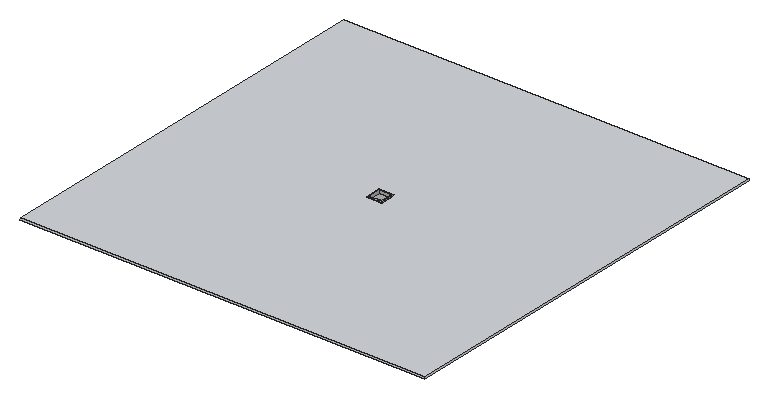
Revit family "LTR-3SQA", category Lighting Fixtures, host Face, Revit 2021
Family settings
  Host = Face
  Round Connector Dimension = Use Diameter
  Part Type = Normal
  OmniClass Number = 23.80.70.11.14.11
  OmniClass Title = Downlights
  Cut with Voids When Loaded = No
  Light Source = Yes
  Shared = Yes
  Room Calculation Point = No
Parameters (values of type "LITEISTRY 3" SQUARE ADJUSTABLE")
  Wattage Comments = "8-25"  # constant formula
  Wattage = 22.2 W
  Warranty = "5Years limited warranty"
  built-in parameter 1150110 = 1 (stored number, unit not read)
  Voltage = 120 V
  URL = "https://www.currentlighting.com/prescolite"
  built-in parameter 1114217 = 1 (stored number, unit not read)
  Tilt Angle = -90.00°
  built-in parameter 1150109 = 1 (stored number, unit not read)
  built-in parameter 1150134 = 12
  built-in parameter 1150113 = 1 (stored number, unit not read)
  Product Page URL = ""
  Product Documentation Link = ""
  Power Factor = 1
  Photometric Web File = "LTR-3SQA-H-20L35K8MD-DM1 LTR-3SQA-T-S (1).ies"
  Photometric Notes = "More IES files download on Photometric Web Link"  # constant formula
  built-in parameter 1150142 = "IESNA:LM-63-2002\r\n[TEST]19.01121\r\n[ISSUEDATE]06/19/19\r\n[MANUFAC]PRESCOLITE\r\n[LUMCAT]LTR-3SQA-H-20L35K8MD-DM1/LTR-3SQA-T-S\r\n[LUMINAIRE]3\" LITEISTRY Square Adjustable, 2000 lumens, 3500K, 80+ CRI, Medium 25°, Specular Clear\r\n[MORE]Tilted 30 Degrees\r\n[LAMP]3500K, 80+CRI LED\r\n[BALLAST]Programmed to 580mA\r\n[BALLASTCAT]25W Driver\r\nTILT=NONE\r\n1 -1 1 37 73 1 1 0.25 0.25 0 \r\n1 1 24.381 \r\n0 2.5 5 7.5 10 12.5 15 17.5 20 22.5 25 27.5 30 32.5 35 37.5 40 42.5 45 47.5 50 52.5 55 57.5 60 62.5 65 67.5 70 72.5 75 77.5 80 \r\n82.5 85 87.5 90 \r\n0 2.5 5 7.5 10 12.5 15 17.5 20 22.5 25 27.5 30 32.5 35 37.5 40 42.5 45 47.5 50 52.5 55 57.5 60 62.5 65 67.5 70 72.5 75 77.5 80 \r\n82.5 85 87.5 90 92.5 95 97.5 100 102.5 105 107.5 110 112.5 115 117.5 120 122.5 125 127.5 130 132.5 135 137.5 140 142.5 145 147.5 \r\n150 152.5 155 157.5 160 162.5 165 167.5 170 172.5 175 177.5 180 \r\n151 251 438 753 1226 1884 2735 3618 4415 5012 5506 5995 6184 6074 5705 5118 4428 3734 2876 1899 1044 471 199 92 47 24 12 4 1 1 1 \r\n0 0 0 0 0 0 \r\n151 251 438 752 1224 1879 2726 3604 4396 4988 5471 5952 6136 6021 5650 5065 4379 3693 2846 1881 1036 470 199 92 47 24 12 4 1 1 1 \r\n0 0 0 0 0 0 \r\n151 250 437 748 1216 1864 2699 3565 4341 4917 5377 5832 6000 5871 5495 4918 4245 3576 2762 1836 1020 467 199 93 47 25 12 4 1 1 1 \r\n0 0 0 0 0 0 \r\n151 250 434 742 1203 1838 2656 3501 4251 4803 5225 5643 5791 5643 5263 4698 4038 3395 2642 1775 1003 466 200 93 48 25 12 4 1 1 1 \r\n0 0 0 0 0 0 \r\n151 249 430 733 1184 1803 2597 3415 4131 4653 5030 5397 5521 5353 4974 4424 3782 3169 2488 1700 986 469 202 94 48 25 12 4 1 1 1 0 \r\n0 0 0 0 0 \r\n151 247 426 721 1161 1759 2524 3310 3988 4473 4797 5109 5209 5018 4642 4116 3498 2927 2326 1627 972 475 205 96 49 25 13 4 1 1 1 0 \r\n0 0 0 0 0 \r\n151 246 420 707 1133 1707 2438 3189 3822 4268 4539 4785 4866 4660 4293 3795 3218 2689 2166 1554 958 487 211 97 49 25 13 5 1 1 1 0 \r\n0 0 0 0 0 \r\n151 244 414 691 1100 1648 2343 3054 3641 4046 4265 4440 4508 4293 3941 3480 2948 2461 2004 1489 951 497 211 94 47 25 13 5 1 1 1 0 \r\n0 0 0 0 0 \r\n151 242 406 673 1065 1584 2238 2908 3447 3811 3981 4100 4152 3936 3602 3176 2695 2251 1857 1418 919 477 196 85 43 24 13 5 1 1 1 0 \r\n0 0 0 0 0 \r\n151 240 398 654 1026 1516 2128 2756 3249 3574 3702 3770 3800 3589 3278 2888 2462 2054 1697 1302 824 421 171 74 37 22 12 5 1 1 0 0 \r\n0 0 0 0 0 \r\n151 237 390 633 986 1444 2011 2596 3046 3335 3428 3451 3455 3262 2967 2614 2236 1845 1490 1114 681 341 141 60 32 19 11 5 1 0 0 0 \r\n0 0 0 0 0 \r\n151 235 381 611 942 1369 1890 2432 2844 3099 3169 3148 3123 2954 2677 2354 2000 1608 1240 888 519 251 105 48 28 17 10 4 1 0 0 0 0 \r\n0 0 0 0 \r\n151 232 371 588 899 1293 1769 2268 2645 2870 2925 2869 2804 2665 2402 2094 1737 1346 981 661 369 168 75 40 25 15 9 3 1 1 1 0 0 0 \r\n0 0 0 \r\n151 229 361 565 853 1215 1645 2101 2451 2650 2693 2610 2511 2386 2129 1819 1456 1081 738 462 245 113 58 34 22 14 7 2 1 1 1 1 0 0 \r\n0 0 0 \r\n151 226 351 540 807 1137 1523 1936 2262 2439 2476 2375 2247 2114 1864 1542 1184 835 531 307 160 83 47 30 19 12 6 1 1 1 1 1 0 0 0 \r\n0 0 \r\n151 223 340 516 760 1060 1404 1776 2079 2240 2269 2164 2012 1848 1603 1276 936 623 371 203 110 63 40 26 17 10 4 1 1 1 1 1 0 0 0 0 \r\n0 \r\n151 220 329 491 713 984 1289 1620 1901 2050 2072 1971 1800 1602 1352 1035 723 453 255 138 80 50 33 22 14 8 2 1 1 1 1 1 1 0 0 0 0 \r\n151 216 317 466 667 909 1179 1471 1727 1867 1882 1788 1607 1382 1121 827 546 322 175 101 61 40 28 19 11 6 1 1 1 1 1 1 1 0 0 0 0 \r\n151 213 306 442 623 837 1075 1330 1559 1690 1699 1609 1427 1187 923 652 409 231 128 76 49 33 23 15 9 3 1 1 1 1 1 1 1 0 0 0 0 \r\n151 209 295 418 578 768 977 1196 1395 1513 1518 1429 1253 1013 755 507 302 167 96 60 40 28 19 12 7 2 2 2 2 2 1 1 1 1 0 0 0 \r\n151 206 284 394 536 702 884 1070 1237 1341 1344 1254 1087 858 613 392 224 125 75 49 34 24 16 10 4 2 2 2 2 2 2 1 1 1 0 0 0 \r\n151 202 273 371 495 640 797 952 1088 1177 1178 1089 932 720 495 301 169 97 61 41 29 20 13 8 3 2 2 2 2 2 2 1 1 1 0 0 0 \r\n151 198 262 348 456 581 715 844 954 1025 1024 941 794 600 399 234 131 78 50 35 25 17 11 6 2 2 2 2 2 2 2 1 1 0 0 0 0 \r\n151 195 251 327 419 525 637 744 831 887 884 807 671 496 318 181 104 63 42 30 21 15 9 4 2 2 2 2 2 2 2 1 1 0 0 0 0 \r\n151 191 241 305 384 472 565 652 721 764 758 689 565 407 253 143 83 53 36 26 19 13 7 3 2 2 2 2 2 2 1 1 0 0 0 0 0 \r\n151 187 230 285 351 423 498 568 624 656 648 586 472 330 200 113 68 44 32 23 17 11 6 2 2 1 2 2 2 1 1 1 0 0 0 0 0 \r\n151 183 220 266 320 379 438 492 537 561 552 494 390 265 156 89 55 38 28 21 15 9 4 2 1 1 2 2 1 1 1 0 0 0 0 0 0 \r\n151 179 211 248 292 338 383 424 457 476 465 411 317 209 121 71 45 33 25 19 13 8 3 2 1 1 2 1 1 1 1 0 0 0 0 0 0 \r\n151 176 202 232 266 301 334 364 388 401 388 337 254 163 95 56 38 28 22 16 11 6 2 2 1 1 2 1 1 1 0 0 0 0 0 0 0 \r\n151 172 193 217 242 267 290 310 326 334 317 271 200 126 74 46 32 25 19 15 10 5 2 2 1 1 1 1 1 1 0 0 0 0 0 0 0 \r\n151 168 185 202 220 238 252 264 273 274 255 213 154 97 58 38 28 22 17 13 9 4 2 2 1 1 1 1 1 1 0 0 0 0 0 0 0 \r\n151 165 177 189 201 212 219 224 227 222 202 164 117 75 47 32 24 19 16 12 7 3 2 1 1 1 1 1 1 1 0 0 0 0 0 0 0 \r\n151 161 170 177 184 189 191 191 189 179 158 125 89 58 38 28 22 18 14 10 6 3 2 1 1 1 1 1 1 1 0 0 0 0 0 0 0 \r\n151 158 163 166 169 169 167 163 156 144 123 96 68 46 33 24 20 16 12 9 5 2 1 1 1 1 1 1 1 0 0 0 0 0 0 0 0 \r\n151 155 156 156 155 152 147 139 131 118 98 75 54 38 28 22 18 14 11 7 4 2 1 1 1 1 1 1 1 0 0 0 0 0 0 0 0 \r\n151 152 150 147 143 137 129 121 111 97 79 60 44 32 24 20 17 13 10 6 4 2 1 1 1 1 1 1 1 0 0 0 0 0 0 0 0 \r\n151 149 144 138 132 124 115 106 95 82 66 50 37 28 23 18 15 12 9 6 4 2 1 1 1 1 1 1 1 0 0 0 0 0 0 0 0 \r\n151 146 139 131 123 113 104 93 82 70 56 42 32 25 20 17 14 11 8 5 3 2 1 1 1 1 1 1 1 0 0 0 0 0 0 0 0 \r\n151 143 133 124 114 103 93 82 71 60 48 37 27 22 19 16 13 10 7 5 3 2 1 1 1 1 1 1 1 0 0 0 0 0 0 0 0 \r\n151 140 129 118 106 94 83 73 63 52 41 31 25 21 18 15 12 9 6 4 3 2 1 1 1 1 1 1 0 0 0 0 0 0 0 0 0 \r\n151 138 124 111 98 86 75 65 56 46 36 28 23 20 17 14 11 9 6 4 3 1 1 1 1 1 1 1 0 0 0 0 0 0 0 0 0 \r\n151 135 120 105 91 79 69 58 49 40 32 26 21 18 16 13 11 8 5 3 2 1 1 1 1 1 1 0 0 0 0 0 0 0 0 0 0 \r\n151 133 116 100 86 73 62 53 43 35 29 24 20 17 14 12 10 7 4 3 2 1 1 1 1 1 1 0 0 0 0 0 0 0 0 0 0 \r\n151 131 111 94 80 68 57 46 38 32 27 22 19 16 13 11 8 6 4 3 1 1 1 1 1 1 1 0 0 0 0 0 0 0 0 0 0 \r\n151 128 107 90 75 63 51 42 35 30 25 21 18 15 12 10 7 5 3 2 1 1 1 1 1 1 1 0 0 0 0 0 0 0 0 0 0 \r\n151 126 104 86 71 58 46 39 33 29 23 19 16 14 11 8 6 4 2 2 1 1 1 1 1 1 1 0 0 0 0 0 0 0 0 0 0 \r\n151 124 100 82 67 53 43 37 32 26 22 18 16 13 10 8 5 3 2 1 1 1 1 1 1 1 1 0 0 0 0 0 0 0 0 0 0 \r\n151 122 97 78 63 49 41 35 30 25 21 18 15 12 9 6 4 2 1 1 1 1 1 1 1 1 1 0 0 0 0 0 0 0 0 0 0 \r\n151 119 94 75 60 46 39 33 28 24 20 17 14 11 8 5 2 2 1 1 1 1 1 1 1 1 0 0 0 0 0 0 0 0 0 0 0 \r\n151 117 91 72 54 44 37 32 26 23 19 16 12 10 7 3 2 1 1 1 1 1 1 1 1 1 0 0 0 0 0 0 0 0 0 0 0 \r\n151 115 89 69 51 42 36 30 25 22 18 14 12 10 5 2 2 1 1 1 1 1 1 1 1 1 0 0 0 0 0 0 0 0 0 0 0 \r\n151 114 87 67 49 41 35 29 25 21 17 13 14 9 3 2 2 1 1 1 1 1 1 1 1 0 0 0 0 0 0 0 0 0 0 0 0 \r\n151 112 85 65 48 40 33 28 24 20 15 14 12 5 2 2 1 1 1 1 1 1 1 1 1 0 0 0 0 0 0 0 0 0 0 0 0 \r\n151 111 83 63 46 39 32 27 23 19 15 18 11 3 2 2 1 1 1 1 1 1 1 1 1 0 0 0 0 0 0 0 0 0 0 0 0 \r\n151 109 81 59 45 37 31 27 22 18 15 15 7 3 2 1 1 1 1 1 1 1 1 1 1 0 0 0 0 0 0 0 0 0 0 0 0 \r\n151 108 79 55 44 36 30 26 21 16 19 14 5 3 3 1 1 1 1 1 1 1 1 1 1 0 0 0 0 0 0 0 0 0 0 0 0 \r\n151 107 78 54 43 35 29 25 21 16 20 11 4 3 2 1 1 1 1 1 1 1 1 1 0 0 0 0 0 0 0 0 0 0 0 0 0 \r\n151 105 76 52 42 34 30 24 20 16 16 7 3 3 2 1 1 1 1 1 1 1 1 1 0 0 0 0 0 0 0 0 0 0 0 0 0 \r\n151 104 75 51 41 34 29 23 18 18 15 5 3 3 2 1 1 1 1 1 1 1 1 1 0 0 0 0 0 0 0 0 0 0 0 0 0 \r\n151 103 74 50 40 33 28 23 18 22 14 4 3 2 2 1 1 1 1 1 1 1 1 1 0 0 0 0 0 0 0 0 0 0 0 0 0 \r\n151 102 72 49 40 32 27 22 17 22 12 4 3 2 2 1 1 1 1 1 1 1 1 1 0 0 0 0 0 0 0 0 0 0 0 0 0 \r\n151 101 72 49 39 32 26 22 17 19 8 4 4 2 2 1 1 1 1 1 1 1 1 1 0 0 0 0 0 0 0 0 0 0 0 0 0 \r\n151 101 71 48 39 31 26 22 17 16 7 4 3 2 2 1 1 1 1 1 1 1 1 1 0 0 0 0 0 0 0 0 0 0 0 0 0 \r\n151 100 70 47 38 31 26 21 18 16 6 4 2 2 2 1 1 1 1 1 1 1 1 0 0 0 0 0 0 0 0 0 0 0 0 0 0 \r\n151 99 69 47 38 31 25 20 20 17 5 4 2 2 2 1 1 1 1 1 1 1 1 0 0 0 0 0 0 0 0 0 0 0 0 0 0 \r\n151 98 68 46 37 31 25 20 22 16 5 4 2 2 2 1 1 1 1 1 1 1 1 0 0 0 0 0 0 0 0 0 0 0 0 0 0 \r\n151 98 68 46 37 31 24 20 24 15 4 4 2 2 2 1 1 1 1 1 1 1 1 0 0 0 0 0 0 0 0 0 0 0 0 0 0 \r\n151 98 68 46 36 30 24 20 23 13 4 4 2 2 2 1 1 1 1 1 1 1 1 0 0 0 0 0 0 0 0 0 0 0 0 0 0 \r\n151 97 67 46 36 30 24 20 23 11 4 4 2 2 2 1 1 1 1 1 1 1 1 0 0 0 0 0 0 0 0 0 0 0 0 0 0 \r\n151 97 67 45 36 30 24 20 23 10 4 4 2 2 2 1 1 1 1 1 1 1 1 1 0 0 0 0 0 0 0 0 0 0 0 0 0 \r\n151 97 67 45 36 29 24 20 22 9 4 3 2 2 2 1 1 1 1 1 1 1 1 1 0 0 0 0 0 0 0 0 0 0 0 0 0 \r\n151 97 67 45 36 29 24 20 22 9 4 3 2 2 2 1 1 1 1 1 1 1 1 1 0 0 0 0 0 0 0 0 0 0 0 0 0 \r\n151 97 67 45 36 29 24 20 22 9 4 3 2 2 2 1 1 1 1 1 1 1 1 1 0 0 0 0 0 0 0 0 0 0 0 0 0 \r\n"
  Model = "LTR-3SQA"  # constant formula
  Manufacturer = "Prescolite"  # constant formula
  built-in parameter 1150105 = -7295302.7 (stored number, unit not read)
  Lumens = 1799.98 lm
  built-in parameter 1150115 = 1 (stored number, unit not read)
  Load Classification = Lighting
  built-in parameter 1150137 = (empty or 0)
  built-in parameter 1150139 = (empty or 0)
  built-in parameter 1150112 = 1 (stored number, unit not read)
  built-in parameter 1150114 = 1 (stored number, unit not read)
  Lamp = "LED"  # constant formula
  built-in parameter 1150132 = (empty or 0)
  built-in parameter 1150102 = (empty or 0)
  built-in parameter 1150107 = 4000 (stored number, unit not read)
  built-in parameter 1150138 = (empty or 0)
  built-in parameter 1150106 = -72953 (stored number, unit not read)
  Glass = White Glass
  Features = "3inch architectural LED adjustable accent delivering 600–2000 lm • Four field interchangeable beam distributions from 15° to 45° • Translating center beam optic allows 0–35° vertical tilt, 362° horizontal rotation • Accommodates up to two lens media including hexcell louver and linear spread options • Variety of dimming protocol options including 0-10V, DALI, DMX, Lutron Forward Phase and EcoSystem • NX Distributed IntelligenceTM wired and wireless controls capability available"  # constant formula
  Emit from Rectangle Width = 3.00"  # constant formula
  Emit from Rectangle Length = 3.00"  # constant formula
  Emit Shape Visible in Rendering = no
  built-in parameter 1150104 = 7.5326 (stored number, unit not read)
  Dimming Lamp Color Temperature Shift = <None>
  Description = "LITEISTRY 3inch SQUARE ADJUSTABLE"  # constant formula
  Default Elevation = 48.00"
  Contact us = ""
  Color Filter = 16777215
  built-in parameter 1114218 = 1 (stored number, unit not read)
  Hardware Finish = Steel
  built-in parameter 1150133 = 10 (stored number, unit not read)
  Assembly Code = "D5020200"
  Apparent Load = 0 VA
Reference planes (in)
  plane 1 "Center (Front/Back)": y = 0.03999
  plane 2: z = 0
  plane 3 "Center (Left/Right)": x = -8.24832
  plane 4: x = -13.24832
  plane 5: x = 1.12668
  plane 6: y = 5.91499
  plane 7: y = -5.83501
  plane 8: z = -0.125
  plane 9: z = -2.865
  plane 10: z = -2.99
  plane 11: z = 0.51
  plane 12: x = -10.07019
  plane 13: x = -6.42646
  plane 14: x = -2.9049
  plane 15: x = -0.9049
  plane 16: y = 2.57276
  plane 17: y = -2.49278
  plane 18: y = 1.91499
  plane 19: y = -1.83501
  plane 20: z = 0.5625
  plane 21: z = -4.8175
  plane 22: through (-10.28509, -180.01895, 3.2865) normal (0.9908, 0, -0.1351)
  plane 23: through (-10.03559, -180.01895, 3.25247) normal (0.9908, 0, -0.1351)
Forms (in)
  Extrusion 1, solid
    sketch origin (-7.24832, 0, -2.58562) x (1, 0, 0) y (0, 1, 0)
      loop
        line (-48, 48) -> (-48, -48) -> (48, -48) -> (48, 48) -> (-48, 48)
    from 2.96062 to 2.58562
  Extrusion 2, void
    sketch origin (0, 0, 0) x (1, 0, 0) y (0, 1, 0)
      loop
        line (-9.78137, 1.58033) -> (-9.78137, -1.41967) -> (-6.78137, -1.41967) -> (-6.78137, 1.58033) -> (-9.78137, 1.58033)
    from 0.4375 to -0.125
  Extrusion 3, solid, material "Steel" <- "Hardware Finish", detail levels medium+fine
    sketch origin (0, 0, 0) x (1, 0, 0) y (0, 1, 0)
      loop
        line (-13.24832, 5.91499) -> (-13.24832, -5.83501) -> (1.12668, -5.83501) -> (1.12668, 5.91499) -> (-13.24832, 5.91499)
    from 0 to -0.125
  Extrusion 4, solid, material "Steel" <- "Hardware Finish", detail levels medium+fine
    sketch origin (0, 0, 0) x (1, 0, 0) y (0, 1, 0)
      loop
        line (-2.9049, 2.57276) -> (-2.9049, -2.49278) -> (-0.9049, -2.49278) -> (-0.9049, 2.57276) -> (-2.9049, 2.57276)
    from -2.99 to 0
  Extrusion 5, solid, material "Steel" <- "Hardware Finish"
    sketch origin (-16.83938, -180, -2.99) x (-1, 0, 0) y (0, -1, 0)
      loop
        circle (-8.59106, -180.03999) r 2
    from 2.865 to 2.99
  Sweep 6, solid, material "Steel" <- "Hardware Finish"
    path in 3D
      loop
        line (-1.88573, 0.93303, -2.5365) -> (-1.88573, 0.93303, -3.06235)
        arc (-1.88573, 0.93303, -3.06235) -> (-2.1054, 0.93303, -3.59268) -> (-2.63573, 0.93303, -3.81235) r 0.75
        line (-2.63573, 0.93303, -3.81235) -> (-5.79493, 0.93303, -3.81235) -> (-7.74061, 0.93303, -3.81235)
    profile origin (-2.1054, 0.93303, -3.59268) x (0, -1, 0) y (-0.707107, 0, 0.707107)
      loop
        circle (0, 0) r 0.09795
  Sweep 7, solid, material "Steel" <- "Hardware Finish"
    path origin (-16.83938, -180, -2.99) x (-1, 0, 0) y (0, -1, 0)
      loop
        line (-6.58169, -182.07276) -> (-6.58169, -178.07276) -> (-10.58169, -178.07276) -> (-10.58169, -182.07276) -> (-6.58169, -182.07276)
    profile origin (-8.25769, 2.07276, -2.99) x (0, 1, 0) y (0, 0, 1)
      loop
        line (-0.15777, 3.55469) -> (-0.53277, 3.55469) -> (-0.53277, 2.865) -> (-0.375, 2.865) -> (-0.375, 3.5) -> (-0.15777, 3.5) -> (-0.15777, 3.55469)
  Extrusion 8, solid, material "Steel" <- "Hardware Finish"
    sketch origin (-17.71189, -180.01816, -0.75089) x (-0.939693, 0, 0.34202) y (0, -1, 0)
      loop
        arc (-8.70908, -181.77339) -> (-8.53597, -181.78005) -> (-8.36304, -181.76953) r 1.74754
        line (-8.36304, -181.76953) -> (-8.36304, -181.67723) -> (-8.49788, -181.67723) -> (-8.49788, -181.55918) -> (-8.59106, -181.55918) -> (-8.59106, -181.67723) -> (-8.70908, -181.67723) -> (-8.70908, -181.77339)
      loop
        arc (-9.17317, -181.68651) -> (-8.99815, -181.73827) -> (-8.81868, -181.77148) r 1.74639
        line (-8.81868, -181.77148) -> (-8.79431, -181.68053) -> (-8.9248, -181.64556) -> (-8.89425, -181.53153) -> (-8.98425, -181.50742) -> (-9.0148, -181.62145) -> (-9.14629, -181.58621) -> (-9.17317, -181.68651)
      loop
        arc (-9.67441, -181.40975) -> (-9.52553, -181.51533) -> (-9.36646, -181.6048) r 1.74639
        line (-9.36646, -181.6048) -> (-9.31398, -181.52662) -> (-9.42615, -181.45133) -> (-9.36036, -181.35331) -> (-9.43772, -181.30138) -> (-9.50351, -181.3994) -> (-9.61654, -181.32353) -> (-9.67441, -181.40975)
      loop
        arc (-9.99201, -181.08268) -> (-9.87554, -181.2232) -> (-9.74504, -181.35079) r 1.74639
        line (-9.74504, -181.35079) -> (-9.67411, -181.28885) -> (-9.76297, -181.1871) -> (-9.67405, -181.10945) -> (-9.73534, -181.03927) -> (-9.82426, -181.11692) -> (-9.9138, -181.01438) -> (-9.99201, -181.08268)
      loop
        arc (-10.24565, -180.59873) -> (-10.1783, -180.76836) -> (-10.09362, -180.93004) r 1.74639
        line (-10.09362, -180.93004) -> (-10.00702, -180.89305) -> (-10.06009, -180.76881) -> (-9.95153, -180.72244) -> (-9.98813, -180.63675) -> (-10.09669, -180.68313) -> (-10.15016, -180.55794) -> (-10.24565, -180.59873)
      loop
        arc (-10.33389, -180.15145) -> (-10.31274, -180.33273) -> (-10.27278, -180.51082) r 1.74639
        line (-10.27278, -180.51082) -> (-10.17956, -180.4975) -> (-10.19867, -180.36376) -> (-10.0818, -180.34707) -> (-10.09498, -180.25483) -> (-10.21184, -180.27153) -> (-10.23109, -180.13677) -> (-10.33389, -180.15145)
      loop
        line (-7.92357, -181.65379) -> (-7.95566, -181.55504) -> (-8.08512, -181.5971) -> (-8.1216, -181.48483) -> (-8.21021, -181.51362) -> (-8.17373, -181.62589) -> (-8.30222, -181.66764) -> (-8.27312, -181.7572)
        arc (-8.27312, -181.7572) -> (-8.09564, -181.71464) -> (-7.92357, -181.65379) r 1.74639
      loop
        line (-7.5077, -181.40975) -> (-7.56557, -181.32353) -> (-7.6786, -181.3994) -> (-7.74439, -181.30138) -> (-7.82176, -181.35331) -> (-7.75596, -181.45133) -> (-7.86813, -181.52662) -> (-7.81565, -181.6048)
        arc (-7.81565, -181.6048) -> (-7.65658, -181.51533) -> (-7.5077, -181.40975) r 1.74639
      loop
        line (-7.1901, -181.08268) -> (-7.26831, -181.01438) -> (-7.35785, -181.11692) -> (-7.44677, -181.03927) -> (-7.50806, -181.10945) -> (-7.41914, -181.1871) -> (-7.508, -181.28885) -> (-7.43707, -181.35079)
        arc (-7.43707, -181.35079) -> (-7.30657, -181.2232) -> (-7.1901, -181.08268) r 1.74639
      loop
        line (-6.93646, -180.59873) -> (-7.03195, -180.55794) -> (-7.08542, -180.68313) -> (-7.19398, -180.63675) -> (-7.23058, -180.72244) -> (-7.12202, -180.76881) -> (-7.17509, -180.89305) -> (-7.08849, -180.93004)
        arc (-7.08849, -180.93004) -> (-7.00381, -180.76836) -> (-6.93646, -180.59873) r 1.74639
      loop
        line (-6.84822, -180.15145) -> (-6.95102, -180.13677) -> (-6.97027, -180.27153) -> (-7.08713, -180.25483) -> (-7.10031, -180.34707) -> (-6.98344, -180.36376) -> (-7.00255, -180.4975) -> (-6.90933, -180.51082)
        arc (-6.90933, -180.51082) -> (-6.86937, -180.33273) -> (-6.84822, -180.15145) r 1.74639
      loop
        line (-8.70908, -178.30659) -> (-8.70908, -178.40275) -> (-8.59106, -178.40275) -> (-8.59106, -178.5208) -> (-8.49788, -178.5208) -> (-8.49788, -178.40275) -> (-8.36304, -178.40275) -> (-8.36304, -178.31045)
        arc (-8.36304, -178.31045) -> (-8.53597, -178.29993) -> (-8.70908, -178.30659) r 1.74754
      loop
        line (-9.17317, -178.39347) -> (-9.14629, -178.49377) -> (-9.0148, -178.45854) -> (-8.98425, -178.57257) -> (-8.89425, -178.54845) -> (-8.9248, -178.43442) -> (-8.79431, -178.39946) -> (-8.81868, -178.3085)
        arc (-8.81868, -178.3085) -> (-8.99815, -178.34171) -> (-9.17317, -178.39347) r 1.74639
      loop
        line (-9.67441, -178.67023) -> (-9.61654, -178.75645) -> (-9.50351, -178.68058) -> (-9.43772, -178.7786) -> (-9.36036, -178.72668) -> (-9.42615, -178.62866) -> (-9.31398, -178.55337) -> (-9.36646, -178.47518)
        arc (-9.36646, -178.47518) -> (-9.52553, -178.56465) -> (-9.67441, -178.67023) r 1.74639
      loop
        line (-9.99201, -178.9973) -> (-9.9138, -179.0656) -> (-9.82426, -178.96307) -> (-9.73534, -179.04072) -> (-9.67405, -178.97054) -> (-9.76297, -178.89288) -> (-9.67411, -178.79113) -> (-9.74504, -178.72919)
        arc (-9.74504, -178.72919) -> (-9.87554, -178.85678) -> (-9.99201, -178.9973) r 1.74639
      loop
        line (-10.24565, -179.48125) -> (-10.15016, -179.52204) -> (-10.09669, -179.39686) -> (-9.98813, -179.44323) -> (-9.95153, -179.35754) -> (-10.06009, -179.31117) -> (-10.00702, -179.18693) -> (-10.09362, -179.14994)
        arc (-10.09362, -179.14994) -> (-10.1783, -179.31162) -> (-10.24565, -179.48125) r 1.74639
      loop
        line (-10.33389, -179.92853) -> (-10.23109, -179.94321) -> (-10.21184, -179.80846) -> (-10.09498, -179.82515) -> (-10.0818, -179.73291) -> (-10.19867, -179.71622) -> (-10.17956, -179.58248) -> (-10.27278, -179.56916)
        arc (-10.27278, -179.56916) -> (-10.31274, -179.74725) -> (-10.33389, -179.92853) r 1.74639
      loop
        arc (-7.92357, -178.42619) -> (-8.09564, -178.36534) -> (-8.27312, -178.32278) r 1.74639
        line (-8.27312, -178.32278) -> (-8.30222, -178.41234) -> (-8.17373, -178.45409) -> (-8.21021, -178.56636) -> (-8.1216, -178.59516) -> (-8.08512, -178.48288) -> (-7.95566, -178.52495) -> (-7.92357, -178.42619)
      loop
        arc (-7.5077, -178.67023) -> (-7.65658, -178.56465) -> (-7.81565, -178.47518) r 1.74639
        line (-7.81565, -178.47518) -> (-7.86813, -178.55337) -> (-7.75596, -178.62866) -> (-7.82176, -178.72668) -> (-7.74439, -178.7786) -> (-7.6786, -178.68058) -> (-7.56557, -178.75645) -> (-7.5077, -178.67023)
      loop
        arc (-7.1901, -178.9973) -> (-7.30657, -178.85678) -> (-7.43707, -178.72919) r 1.74639
        line (-7.43707, -178.72919) -> (-7.508, -178.79113) -> (-7.41914, -178.89288) -> (-7.50806, -178.97054) -> (-7.44677, -179.04072) -> (-7.35785, -178.96307) -> (-7.26831, -179.0656) -> (-7.1901, -178.9973)
      loop
        arc (-6.93646, -179.48125) -> (-7.00381, -179.31162) -> (-7.08849, -179.14994) r 1.74639
        line (-7.08849, -179.14994) -> (-7.17509, -179.18693) -> (-7.12202, -179.31117) -> (-7.23058, -179.35754) -> (-7.19398, -179.44323) -> (-7.08542, -179.39686) -> (-7.03195, -179.52204) -> (-6.93646, -179.48125)
      loop
        arc (-6.84822, -179.92853) -> (-6.86937, -179.74725) -> (-6.90933, -179.56916) r 1.74639
        line (-6.90933, -179.56916) -> (-7.00255, -179.58248) -> (-6.98344, -179.71622) -> (-7.10031, -179.73291) -> (-7.08713, -179.82515) -> (-6.97027, -179.80846) -> (-6.95102, -179.94321) -> (-6.84822, -179.92853)
    from 1.04065 to -1.6925
  Extrusion 9, solid, material "Steel" <- "Hardware Finish"
    sketch origin (-17.71029, -180.01816, -0.75118) x (-0.939693, 0, 0.34202) y (0, -1, 0)
      loop
        circle (-8.59106, -180.03999) r 1.51919
    from 1.03125 to -1.6925
  Revolve 10, solid, material "Steel" <- "Hardware Finish", detail levels medium+fine
    sketch origin (-0.83436, 0.02104, -3.59414) x (0.939693, 0, -0.34202) y (0.34202, 0, 0.939693)
      loop
        line (-9.70018, -0.27521) -> (-9.73594, -0.29586) -> (-9.7115, -0.38109) -> (-9.01666, -2.08095) -> (-8.96573, -2.07197) -> (-9.70018, -0.27521)
      axis (-8.24832, -0.27521) -> (-8.24832, -2.08095)
    angle from 0 to 360
  Extrusion 11, solid, material "Steel" <- "Hardware Finish"
    sketch origin (0.13839, 0.02183, -0.97032) x (0.996195, 0, -0.087156) y (0.087156, 0, 0.996195)
      loop
        line (-10.20021, -0.69311) -> (-10.20021, -0.63601) -> (-10.36038, -0.79618) -> (-10.73884, -2.20862) -> (-10.6938, -2.22069) -> (-10.31534, -0.80824) -> (-10.20021, -0.69311)
      loop
        line (-7.39463, -1.29773) -> (-7.34885, -1.62342) -> (-8.00781, -2.91669) -> (-7.96626, -2.93786) -> (-7.29323, -1.61696) -> (-7.34698, -1.2345) -> (-7.39463, -1.29773)
    from -0.32377 to 0.24006
  Extrusion 12, solid, material "Steel" <- "Hardware Finish"
    sketch origin (-0.00209, 0.02183, 0) x (1, 0, 0) y (0, 0, 1)
      loop
        line (-7.64522, -2.56705) -> (-6.34275, -2.56705) -> (-5.5236, -1.99347) -> (-5.5236, -0.125) -> (-5.58341, -0.125) -> (-5.58341, -1.93704) -> (-6.39101, -2.50253) -> (-7.64522, -2.50253) -> (-7.64522, -2.56705)
    from -1.7334 to 1.7305
  Extrusion 13, solid
    sketch origin (0, 0.03999, 0) x (1, 0, 0) y (0, 0, 1)
      loop
        line (-6.40034, -0.125) -> (-6.54592, -0.125) -> (-6.72029, -1.36574) -> (-6.64151, -1.36574) -> (-6.40034, -0.125)
    from -1.65777 to 1.59223
  Extrusion 14, solid
    sketch origin (-16.49665, 0.03999, 0) x (-1, 0, 0) y (0, 0, -1)
      loop
        line (-6.21087, 0.125) -> (-6.28753, 0.51937) -> (-6.38874, 0.51937) -> (-6.33332, 0.125) -> (-6.21087, 0.125)
    from -1.65777 to 1.59223
  Extrusion 15, solid
    sketch origin (0, 0.03999, 0) x (1, 0, 0) y (0, 0, 1)
      loop
        line (-6.40034, -0.125) -> (-10.28578, -0.125) -> (-10.20912, -0.51937) -> (-6.64365, -1.37672) -> (-6.40034, -0.125)
    from 1.59223 to 1.80947
  Extrusion 16, solid
    sketch origin (0, 0.03999, 0) x (1, 0, 0) y (0, 0, -1)
      loop
        line (-6.40034, 0.125) -> (-6.64365, 1.37672) -> (-10.20912, 0.51937) -> (-10.28578, 0.125) -> (-6.40034, 0.125)
    from 1.59223 to 1.80947
Cuts and joins
  joined: Extrusion 3, Extrusion 4
Lines and regions (in)
  symbolic lines
    curve 1: line (-13.24832, 5.91499, -2.99) -> (1.12668, 5.91499, -2.99)
    curve 2: line (-13.24832, -5.83501, -2.99) -> (-13.24832, 5.91499, -2.99)
    curve 3: line (1.12668, -5.83501, -2.99) -> (-13.24832, -5.83501, -2.99)
    curve 4: line (1.12668, 5.91499, -2.99) -> (1.12668, -5.83501, -2.99)
    curve 5: circle (-8.24832, 0.03999, -2.99) r 2.625 normal (0, 0, 1)
    curve 6: circle (-8.24832, 0.03999, -2.99) r 2 normal (0, 0, 1)
  sketch lines
    curve 7: arc (-1.88573, 0.93303, -3.06235) -> (-2.1054, 0.93303, -3.59268) -> (-2.63573, 0.93303, -3.81235) r 0.75
    curve 8: line (-1.88573, 0.93303, -3.06235) -> (-1.88573, 0.93303, -2.5365)
    curve 9: line (-5.79493, 0.93303, -3.81235) -> (-2.63573, 0.93303, -3.81235)
    curve 10: line (-5.79493, 0.93303, -3.81235) -> (-7.74061, 0.93303, -3.81235)
Dimensions and locks (in)
  equal spacing: plane 7, plane 1 "Center (Front/Back)", plane 6, locked at 5.875 each
  locked: plane 6 to plane 7 at 11.75
  locked: plane 4 to plane 5 at 14.375
  locked: plane 4 to plane 3 "Center (Left/Right)" at 5
  locked: Extrusion 1 to plane 8 at 0.5
  locked: plane 11 to plane 2 at 0.51
  locked: plane 2 to plane 8 at 0.125
  locked: plane 14 to plane 15 at 2
  equal spacing: plane 16, plane 1 "Center (Front/Back)", plane 17, locked at 2.53277 each
  locked: plane 9 to plane 10 at 0.125
  locked: plane 11 to plane 10 at 3.5
  equal spacing: plane 18, plane 1 "Center (Front/Back)", plane 19, locked at 1.875 each
  imposter light to plane 21 = 5.38"
  plane 12 to plane 13 = 3.64374"
  equal spacing: plane 12, plane 3 "Center (Left/Right)", plane 13
  Revolve 10 sketch curve to Revolve 10 sketch curve = 1.45185"
  aligned and locked: Extrusion 3 sketch curve to plane 6
  aligned and locked: plane 4 to Extrusion 3 sketch curve
  aligned and locked: Extrusion 3 sketch curve to plane 7
  aligned and locked: Extrusion 3 sketch curve to plane 5
  aligned and locked: Extrusion 3 to plane 8
  aligned and locked: level to Extrusion 4
  aligned and locked: Extrusion 4 to plane 10
  aligned and locked: plane 15 to cut or joined group of Extrusion 3, Extrusion 4
  aligned and locked: plane 14 to cut or joined group of Extrusion 3, Extrusion 4
  aligned and locked: plane 17 to cut or joined group of Extrusion 3, Extrusion 4
  aligned and locked: plane 16 to cut or joined group of Extrusion 3, Extrusion 4
  aligned and locked: Extrusion 5 to plane 8
  aligned and locked: plane 2 to Extrusion 5
  aligned and locked: Extrusion 1 to plane 2
  aligned and locked: curve 1 to cut or joined group of Extrusion 3, Extrusion 4
  aligned and locked: curve 2 to cut or joined group of Extrusion 3, Extrusion 4
  aligned and locked: curve 3 to cut or joined group of Extrusion 3, Extrusion 4
  aligned and locked: curve 4 to cut or joined group of Extrusion 3, Extrusion 4
  aligned and locked: Extrusion 2 to plane 8
  aligned and locked: imposter light to plane 20
Automatic sketch dimensions
  Extrusion 1 sketch curve to Extrusion 1 sketch curve = 96.00"  (x2)
  plane 12 to Extrusion 2 sketch curve = 0.28883"
  Extrusion 2 sketch curve to plane 13 = 0.35491"
  Extrusion 2 sketch curve to plane 19 = 0.41534"
  Extrusion 2 sketch curve to plane 18 = 0.33466"
  Extrusion 4 sketch curve to plane 14 = 0.00"
  Extrusion 4 sketch curve to plane 15 = 0.00"
  plane 17 to Extrusion 4 sketch curve = 0.00"
  Extrusion 4 sketch curve to plane 16 = 0.00"
  plane 1 "Center (Front/Back)" to Extrusion 5 sketch curve = 0.00"
  Extrusion 5 sketch curve to plane 3 "Center (Left/Right)" = 0.00"
  curve 5 to curve 6 = 0.00"  (x2)
  plane 1 "Center (Front/Back)" to curve 6 = 0.00"
  curve 6 to plane 3 "Center (Left/Right)" = 0.00"
  profile plane to Sweep 6 sketch curve = 0.00"
  Sweep 6 sketch curve to profile plane = 0.00"
  plane 13 to Sweep 7 sketch curve = 0.16876"
  plane 19 to Sweep 7 sketch curve = 0.09223"
  Sweep 7 sketch curve to plane 12 = 0.1875"
  plane 18 to Sweep 7 sketch curve = 0.15777"
  profile plane to Sweep 7 sketch curve = 0.53277"
  Sweep 7 sketch curve to Sweep 7 sketch curve = 0.15777"
  profile plane to Sweep 7 sketch curve = 0.15777"
  plane 10 to Sweep 7 sketch curve = 2.865"
  Sweep 7 sketch curve to Sweep 7 sketch curve = 0.635"
  Sweep 7 sketch curve to Sweep 7 sketch curve = 0.05469"
  Extrusion 8 sketch curve to Extrusion 8 sketch curve = 0.00"  (x384)
  Extrusion 8 sketch curve to plane 1 "Center (Front/Back)" = 0.0933"
  plane 1 "Center (Front/Back)" to Extrusion 8 sketch curve = 0.12962"
  Extrusion 8 sketch curve to plane 1 "Center (Front/Back)" = 0.45266"  (x2)
  Extrusion 8 sketch curve to Extrusion 8 sketch curve = 0.0611"  (x2)
  plane 1 "Center (Front/Back)" to Extrusion 8 sketch curve = 0.48899"  (x2)
  Extrusion 8 sketch curve to plane 1 "Center (Front/Back)" = 0.54058"
  Extrusion 8 sketch curve to Extrusion 8 sketch curve = 0.02713"  (x2)
  plane 1 "Center (Front/Back)" to Extrusion 8 sketch curve = 0.5769"
  Extrusion 8 sketch curve to plane 1 "Center (Front/Back)" = 0.07861"  (x2)
  Extrusion 8 sketch curve to Extrusion 8 sketch curve = 0.10279"  (x2)
  plane 1 "Center (Front/Back)" to Extrusion 8 sketch curve = 0.11494"  (x2)
  Extrusion 8 sketch curve to plane 1 "Center (Front/Back)" = 0.21337"  (x2)
  plane 1 "Center (Front/Back)" to Extrusion 8 sketch curve = 0.2497"  (x2)
  Extrusion 8 sketch curve to plane 1 "Center (Front/Back)" = 0.30561"
  Extrusion 8 sketch curve to Extrusion 8 sketch curve = 0.01318"  (x4)
  plane 1 "Center (Front/Back)" to Extrusion 8 sketch curve = 0.34194"
  Extrusion 8 sketch curve to plane 1 "Center (Front/Back)" = 0.49979"  (x2)
  Extrusion 8 sketch curve to Extrusion 8 sketch curve = 0.0294"  (x4)
  plane 1 "Center (Front/Back)" to Extrusion 8 sketch curve = 0.53611"  (x2)
  plane 1 "Center (Front/Back)" to Extrusion 8 sketch curve = 0.6613"  (x2)
  Extrusion 8 sketch curve to plane 1 "Center (Front/Back)" = 0.62497"  (x2)
  Extrusion 8 sketch curve to plane 1 "Center (Front/Back)" = 0.19668"  (x2)
  plane 1 "Center (Front/Back)" to Extrusion 8 sketch curve = 0.233"  (x2)
  plane 1 "Center (Front/Back)" to Extrusion 8 sketch curve = 0.90821"  (x2)
  Extrusion 8 sketch curve to plane 1 "Center (Front/Back)" = 0.87188"  (x2)
  plane 1 "Center (Front/Back)" to Extrusion 8 sketch curve = 0.74698"
  Extrusion 8 sketch curve to Extrusion 8 sketch curve = 0.0366"  (x4)
  Extrusion 8 sketch curve to plane 1 "Center (Front/Back)" = 0.71066"
  Extrusion 8 sketch curve to plane 18 = 0.85047"
  Extrusion 8 sketch curve to Extrusion 8 sketch curve = 0.10161"  (x2)
  Extrusion 8 sketch curve to plane 19 = 0.81414"
  Extrusion 8 sketch curve to plane 1 "Center (Front/Back)" = 0.5786"  (x2)
  plane 1 "Center (Front/Back)" to Extrusion 8 sketch curve = 0.61493"  (x2)
  Extrusion 8 sketch curve to plane 18 = 0.91877"  (x2)
  Extrusion 8 sketch curve to Extrusion 8 sketch curve = 0.07821"  (x2)
  Extrusion 8 sketch curve to plane 19 = 0.88244"  (x2)
  Extrusion 8 sketch curve to plane 18 = 0.81624"  (x2)
  Extrusion 8 sketch curve to plane 19 = 0.77991"  (x2)
  Extrusion 8 sketch curve to plane 19 = 0.70973"
  Extrusion 8 sketch curve to Extrusion 8 sketch curve = 0.06129"  (x4)
  Extrusion 8 sketch curve to plane 18 = 0.74606"
  Extrusion 8 sketch curve to plane 18 = 0.58236"  (x2)
  Extrusion 8 sketch curve to plane 19 = 0.54603"  (x2)
  Extrusion 8 sketch curve to plane 18 = 0.89389"  (x2)
  Extrusion 8 sketch curve to plane 19 = 0.85756"  (x2)
  Extrusion 8 sketch curve to plane 19 = 0.48708"
  Extrusion 8 sketch curve to Extrusion 8 sketch curve = 0.07063"  (x2)
  Extrusion 8 sketch curve to plane 18 = 0.52341"
  Extrusion 8 sketch curve to plane 19 = 0.57329"  (x2)
  Extrusion 8 sketch curve to Extrusion 8 sketch curve = 0.05757"  (x4)
  Extrusion 8 sketch curve to plane 18 = 0.60962"  (x2)
  Extrusion 8 sketch curve to plane 19 = 0.49743"  (x2)
  Extrusion 8 sketch curve to plane 18 = 0.53376"  (x2)
  Extrusion 8 sketch curve to plane 19 = 0.59545"  (x2)
  Extrusion 8 sketch curve to plane 18 = 0.63177"  (x2)
  Extrusion 8 sketch curve to plane 19 = 0.4455"
  Extrusion 8 sketch curve to Extrusion 8 sketch curve = 0.07736"  (x2)
  Extrusion 8 sketch curve to plane 18 = 0.48183"
  Extrusion 8 sketch curve to plane 18 = 0.32835"  (x2)
  Extrusion 8 sketch curve to plane 19 = 0.29203"  (x2)
  Extrusion 8 sketch curve to plane 19 = 0.21032"
  Extrusion 8 sketch curve to Extrusion 8 sketch curve = 0.19329"  (x2)
  Extrusion 8 sketch curve to plane 18 = 0.24664"
  Extrusion 8 sketch curve to plane 19 = 0.31061"
  Extrusion 8 sketch curve to Extrusion 8 sketch curve = 0.02687"  (x2)
  Extrusion 8 sketch curve to plane 18 = 0.34694"
  Extrusion 8 sketch curve to plane 18 = 0.31171"
  Extrusion 8 sketch curve to plane 19 = 0.27538"
  Extrusion 8 sketch curve to plane 18 = 0.42574"
  Extrusion 8 sketch curve to plane 19 = 0.38941"
  Extrusion 8 sketch curve to plane 18 = 0.28759"
  Extrusion 8 sketch curve to Extrusion 8 sketch curve = 0.09"  (x2)
  Extrusion 8 sketch curve to plane 19 = 0.25127"
  Extrusion 8 sketch curve to plane 18 = 0.16167"
  Extrusion 8 sketch curve to plane 19 = 0.12534"
  Extrusion 8 sketch curve to Extrusion 8 sketch curve = 0.08523"  (x2)
  Extrusion 8 sketch curve to Extrusion 8 sketch curve = 0.11803"  (x2)
  Extrusion 8 sketch curve to Extrusion 8 sketch curve = 0.03559"
  Extrusion 8 sketch curve to Extrusion 8 sketch curve = 0.09318"  (x2)
  Extrusion 8 sketch curve to Extrusion 8 sketch curve = 0.13484"  (x2)
  Extrusion 8 sketch curve to plane 19 = 0.22919"
  Extrusion 8 sketch curve to Extrusion 8 sketch curve = 0.06082"  (x2)
  Extrusion 8 sketch curve to plane 18 = 0.26551"
  Extrusion 8 sketch curve to plane 19 = 0.13963"
  Extrusion 8 sketch curve to Extrusion 8 sketch curve = 0.08992"  (x2)
  Extrusion 8 sketch curve to plane 18 = 0.17596"
  Extrusion 8 sketch curve to plane 18 = 0.41953"
  Extrusion 8 sketch curve to Extrusion 8 sketch curve = 0.092"  (x2)
  Extrusion 8 sketch curve to plane 19 = 0.38321"
  Extrusion 8 sketch curve to plane 18 = 0.44833"
  Extrusion 8 sketch curve to plane 19 = 0.412"
  Extrusion 8 sketch curve to plane 19 = 0.29973"
  Extrusion 8 sketch curve to plane 18 = 0.33605"
  Extrusion 8 sketch curve to plane 18 = 0.37812"
  Extrusion 8 sketch curve to plane 19 = 0.34179"
  Extrusion 8 sketch curve to plane 18 = 0.40654"
  Extrusion 8 sketch curve to Extrusion 8 sketch curve = 0.08752"  (x2)
  Extrusion 8 sketch curve to plane 19 = 0.37021"
  Extrusion 8 sketch curve to plane 19 = 0.54352"
  Extrusion 8 sketch curve to Extrusion 8 sketch curve = 0.04638"  (x2)
  Extrusion 8 sketch curve to plane 18 = 0.57985"
  Extrusion 8 sketch curve to Extrusion 8 sketch curve = 0.05248"  (x2)
  Extrusion 8 sketch curve to plane 19 = 0.78738"
  Extrusion 8 sketch curve to Extrusion 8 sketch curve = 0.05752"  (x2)
  Extrusion 8 sketch curve to plane 18 = 0.82371"
  Extrusion 8 sketch curve to plane 19 = 0.60797"
  Extrusion 8 sketch curve to plane 18 = 0.6443"
  Extrusion 8 sketch curve to plane 1 "Center (Front/Back)" = 0.66429"
  Extrusion 8 sketch curve to Extrusion 8 sketch curve = 0.03773"  (x2)
  plane 1 "Center (Front/Back)" to Extrusion 8 sketch curve = 0.70061"
  Extrusion 8 sketch curve to plane 1 "Center (Front/Back)" = 0.83489"
  Extrusion 8 sketch curve to Extrusion 8 sketch curve = 0.09322"  (x2)
  plane 1 "Center (Front/Back)" to Extrusion 8 sketch curve = 0.87122"
  Extrusion 8 sketch curve to plane 1 "Center (Front/Back)" = 0.28892"
  Extrusion 8 sketch curve to Extrusion 8 sketch curve = 0.09367"  (x2)
  plane 1 "Center (Front/Back)" to Extrusion 8 sketch curve = 0.32524"
  Extrusion 8 sketch curve to plane 1 "Center (Front/Back)" = 0.43935"
  plane 1 "Center (Front/Back)" to Extrusion 8 sketch curve = 0.47567"
  Extrusion 8 sketch curve to Extrusion 8 sketch curve = 0.00191"
  Extrusion 8 sketch curve to Extrusion 8 sketch curve = 0.01233"  (x2)
  Extrusion 8 sketch curve to Extrusion 8 sketch curve = 0.09616"
  Extrusion 8 sketch curve to Extrusion 8 sketch curve = 0.11805"  (x2)
  plane 1 "Center (Front/Back)" to Extrusion 8 sketch curve = 0.01079"
  Extrusion 8 sketch curve to Extrusion 8 sketch curve = 0.12134"
  plane 1 "Center (Front/Back)" to Extrusion 9 sketch curve = 0.01816"
  Revolve 10 sketch curve to plane 12 = 0.01415"
  plane 23 to Revolve 10 sketch curve = 0.46455"
  Revolve 10 sketch curve to Revolve 10 sketch curve = 0.02444"
  Revolve 10 sketch curve to Revolve 10 sketch curve = 0.03576"
  Revolve 10 sketch curve to Revolve 10 sketch curve = 0.69483"
  Revolve 10 sketch curve to Revolve 10 sketch curve = 0.05093"
  Revolve 10 sketch curve to Revolve 10 sketch curve = 0.08523"
  Revolve 10 sketch curve to Revolve 10 sketch curve = 1.69087"
  Revolve 10 sketch curve to Revolve 10 sketch curve = 0.00898"
  Revolve 10 sketch curve to Revolve 10 sketch curve = 0.02065"
  Revolve 10 sketch curve to Revolve 10 sketch curve = 2.42808"
  Revolve 10 sketch curve to Revolve 10 sketch curve = 2.65017"
  Extrusion 11 sketch curve to plane 12 = 0.68189"
  plane 9 to Extrusion 11 sketch curve = 0.63041"
  Extrusion 11 sketch curve to Extrusion 11 sketch curve = 0.04504"  (x2)
  Extrusion 11 sketch curve to Extrusion 11 sketch curve = 0.37846"
  Extrusion 11 sketch curve to Extrusion 11 sketch curve = 0.11513"  (x2)
  Extrusion 11 sketch curve to Extrusion 11 sketch curve = 2.68599"
  Extrusion 11 sketch curve to Extrusion 11 sketch curve = 0.04154"
  Extrusion 11 sketch curve to Extrusion 11 sketch curve = 0.61318"
  Extrusion 11 sketch curve to Extrusion 11 sketch curve = 0.04577"
  Extrusion 11 sketch curve to Extrusion 11 sketch curve = 0.04765"
  Extrusion 11 sketch curve to Extrusion 11 sketch curve = 0.05562"
  Extrusion 11 sketch curve to Extrusion 11 sketch curve = 0.01207"
  Extrusion 11 sketch curve to Extrusion 11 sketch curve = 0.69601"
  Extrusion 11 sketch curve to Extrusion 11 sketch curve = 0.02117"
  Extrusion 11 sketch curve to Extrusion 11 sketch curve = 0.32569"
  Extrusion 11 sketch curve to Extrusion 11 sketch curve = 0.06323"
  Extrusion 11 sketch curve to Extrusion 11 sketch curve = 0.05711"
  Extrusion 12 sketch curve to plane 8 = 0.00"
  plane 9 to Extrusion 12 sketch curve = 0.29795"
  plane 3 "Center (Left/Right)" to Extrusion 12 sketch curve = 0.60101"
  plane 13 to Extrusion 12 sketch curve = 0.03335"
  Extrusion 12 sketch curve to Extrusion 12 sketch curve = 0.04826"
  plane 13 to Extrusion 12 sketch curve = 0.84096"
  Extrusion 12 sketch curve to Extrusion 12 sketch curve = 0.05981"
  Extrusion 12 sketch curve to Extrusion 12 sketch curve = 0.06452"
  plane 9 to Extrusion 12 sketch curve = 0.87153"
  Extrusion 12 sketch curve to Extrusion 12 sketch curve = 0.05643"
  Extrusion 13 sketch curve to plane 8 = 0.00"
  Extrusion 13 sketch curve to plane 13 = 0.29384"
  Extrusion 13 sketch curve to Extrusion 13 sketch curve = 0.07878"
  Extrusion 13 sketch curve to plane 13 = 0.11946"
  plane 13 to Extrusion 13 sketch curve = 0.02612"
  Extrusion 13 sketch curve to plane 8 = 1.24074"
  Extrusion 14 sketch curve to plane 8 = 0.00"
  plane 12 to Extrusion 14 sketch curve = 0.03771"
  plane 12 to Extrusion 14 sketch curve = 0.09314"
  Extrusion 14 sketch curve to Extrusion 14 sketch curve = 0.10122"
  Extrusion 14 sketch curve to Extrusion 14 sketch curve = 0.12245"
  plane 8 to Extrusion 14 sketch curve = 0.39437"
  Extrusion 15 sketch curve to plane 8 = 0.00"
  Extrusion 15 sketch curve to plane 12 = 0.21559"
  Extrusion 15 sketch curve to plane 12 = 0.13893"
  Extrusion 15 sketch curve to plane 13 = 0.21719"
  plane 13 to Extrusion 15 sketch curve = 0.02612"
  Extrusion 15 sketch curve to plane 8 = 0.39437"
  Extrusion 15 sketch curve to plane 8 = 1.25172"
  Extrusion 16 sketch curve to plane 8 = 0.00"
  Extrusion 16 sketch curve to plane 12 = 0.21559"
  Extrusion 16 sketch curve to plane 12 = 0.13893"
  Extrusion 16 sketch curve to plane 13 = 0.21719"
  plane 13 to Extrusion 16 sketch curve = 0.02612"
  Extrusion 16 sketch curve to plane 8 = 0.39437"
  Extrusion 16 sketch curve to plane 8 = 1.25172"
  radius of Extrusion 5 sketch curve = 2.00"
  radius of curve 5 = 2.625"
  radius of curve 6 = 2.00"
  radius of Sweep 6 sketch curve = 0.09795"
  radius of Extrusion 9 sketch curve = 1.51919"
Connectors (in)
  electrical at (-8.3005, 0.03999, -3.125), driven by "Description", driven by "Load Classification", driven by "Voltage", driven by "Apparent Load", driven by "Power Factor"
    settings: on cut or joined group of Extrusion 3, Extrusion 4, index 1, voltage 120 V, apparent load 0 VA, apparent load phase1 0 VA, apparent load phase2 0 VA, apparent load phase3 0 VA, power factor 1, load classification "Lighting", number of poles 1, system type 30, power factor state 1, is connector primary yes, connector utility no, sub classification motor no, connector description "LITEISTRY 3inch SQUARE ADJUSTABLE"
